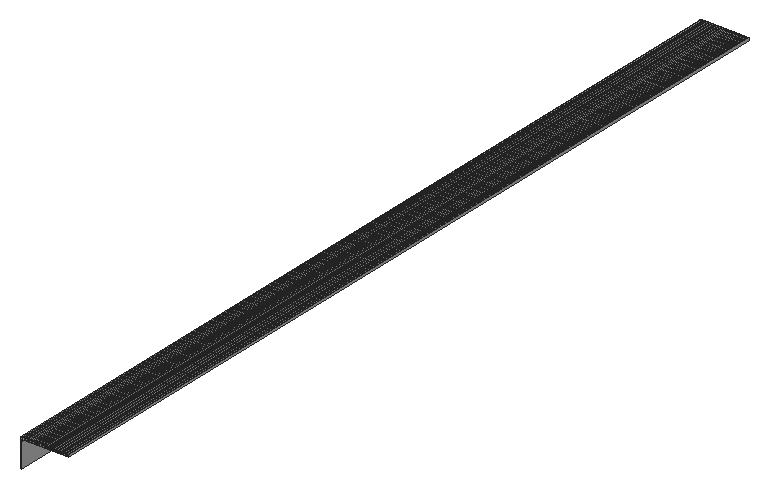
Revit family "111213004021734", category Modelos genéricos, Revit 2018
Family settings
  Puede alojar armadura = No
  Cota de conector redondo = Diámetro de uso
  Tipo de pieza = Normal
  Se basa en plano de trabajo = No
  Siempre vertical = No
  Corte con vacíos al cargar = No
  Compartido = No
  Punto de cálculo de habitación = No
Parameters (values of type "NARIZ DE GRADA PVC 68X40MM GRIS TIRA 1.2MT")
  Ventajas = "Autoextinguible"
  Uso = "Se utiliza para instalarlos en los vértices de las escaleras hechas de cerámica, metal,\r\npiso vinílico, entre otros. Con el objetivo de generar una solución antideslizante y así evitar\r\naccidentes.\r\nSe utiliza para instalarlos en los vértices de las escaleras hechas de cerámica, metal,\r\npiso vinílico, entre otros. Con el objetivo de generar una solución antideslizante y así evitar\r\naccidentes."
  Unidad = "Tiras de 1.20 Mts y 3.00 Mts."
  URL = "https://www.empresascnp.cl/"
  Num SKUs = "111213004021734"
  Nombre SKU = "NARIZ DE GRADA PVC 68X40MM GRIS TIRA 1.2MT"
  Modelo = "NARIZ DE GRADA PVC 68X40MM"
  Material = PVC flexible gris
  Url Ficha tecnica = "https://empresascnp.cl/wp-content/uploads//pdf/ficha-tecnica-nariz-de-grada-pvc-68x40mm-gris-tira-1-2mt.pdf"
  Largo = 1200.00 mm
  Espesor = 2.00 mm
  Empresa = "CNP SPA."
  Dureza = "80 shore A"
  Dimension = 68.00 mm
  Descripción = "Nariz de grada PVC 68x40 MM."
  Contacto = "info@empresascnp.cl"
  Color = "Gris"
  Aplicacion = "Escaleras"
  Alto = 40.00 mm
Reference planes
  plane 1 "Center F/B": y = 0
  plane 2: z = 0
  plane 3 "Center L/R": x = 0
  plane 4: z = -40
  plane 5 "2": y = 600
  plane 6 "3": y = -600
  plane 7: x = 68
  plane 8: z = -2
  plane 9 "4": x = 2
Forms (mm)
  Extrusion 1, solid, material "PVC flexible gris" <- "Material"
    sketch origin (0, 0, 0) x (1, 0, 0) y (0, 0, 1)
      loop
        line (0, -2) -> (0, -40) -> (2, -40) -> (2, -5)
        arc (2, -5) -> (2.879, -2.879) -> (5, -2) r 3
        line (5, -2) -> (68, -2) -> (68, 1) -> (67, 1) -> (67, 0) -> (66, 0) -> (66, 1) -> (65, 1) -> (65, 0) -> (64, 0) -> (64, 1) -> (63, 1) -> (63, 0) -> (62, 0) -> (62, 1) -> (61, 1) -> (61, 0) -> (60, 0) -> (60, 1) -> (59, 1) -> (59, 0) -> (58, 0) -> (58, 1) -> (57, 1) -> (57, 0) -> (56, 0) -> (56, 1) -> (55, 1) -> (55, 0) -> (54, 0) -> (54, 1) -> (53, 1) -> (53, 0) -> (52, 0) -> (52, 1) -> (51, 1) -> (51, 0) -> (50, 0) -> (50, 1) -> (49, 1) -> (49, 0) -> (48, 0) -> (48, 1) -> (47, 1) -> (47, 0) -> (46, 0) -> (46, 1) -> (45, 1) -> (45, 0) -> (44, 0) -> (44, 1) -> (43, 1) -> (43, 0) -> (42, 0) -> (42, 1) -> (41, 1) -> (41, 0) -> (40, 0) -> (40, 1) -> (39, 1) -> (39, 0) -> (38, 0) -> (38, 1) -> (37, 1) -> (37, 0) -> (36, 0) -> (36, 1) -> (35, 1) -> (35, 0) -> (34, 0) -> (34, 1) -> (33, 1) -> (33, 0) -> (32, 0) -> (32, 1) -> (31, 1) -> (31, 0) -> (30, 0) -> (30, 1) -> (29, 1) -> (29, 0) -> (28, 0) -> (28, 1) -> (27, 1) -> (27, 0) -> (26, 0) -> (26, 1) -> (25, 1) -> (25, 0) -> (24, 0) -> (24, 1) -> (23, 1) -> (23, 0) -> (22, 0) -> (22, 1) -> (21, 1) -> (21, 0) -> (20, 0) -> (20, 1) -> (19, 1) -> (19, 0) -> (18, 0) -> (18, 1) -> (17, 1) -> (17, 0) -> (16, 0) -> (16, 1) -> (15, 1) -> (15, 0) -> (14, 0) -> (14, 1) -> (13, 1) -> (13, 0) -> (12, 0) -> (12, 1) -> (11, 1) -> (11, 0) -> (10, 0) -> (10, 1) -> (9, 1) -> (9, 0) -> (8, 0) -> (8, 1) -> (7, 1) -> (7, 0) -> (6, 0) -> (6, 1) -> (5, 1) -> (5, 0) -> (4, 0) -> (4, 1) -> (3, 1)
        arc (3, 1) -> (0.879, 0.121) -> (0, -2) r 3
    from -600 to 600
Dimensions and locks
  "Alto": level to plane 4
  equal spacing: plane 6 "3", plane 1 "Center F/B", plane 5 "2"
  "Largo": plane 6 "3" to plane 5 "2"
  "Dimension": plane 7 to plane 3 "Center L/R"
  aligned and locked: plane 6 "3" to Extrusion 1
  aligned and locked: Extrusion 1 to plane 5 "2"
Automatic sketch dimensions
  Extrusion 1 sketch curve to plane 7 = 68.00 mm
  Extrusion 1 sketch curve to Extrusion 1 sketch curve = 2.00 mm  (x2)
  Extrusion 1 sketch curve to Extrusion 1 sketch curve = 3.00 mm  (x3)
  Extrusion 1 sketch curve to Extrusion 1 sketch curve = 1.00 mm  (x79)
  Extrusion 1 sketch curve to level = 40.00 mm
  Extrusion 1 sketch curve to Extrusion 1 sketch curve = 35.00 mm
  Extrusion 1 sketch curve to Extrusion 1 sketch curve = 0.00 mm  (x49)
